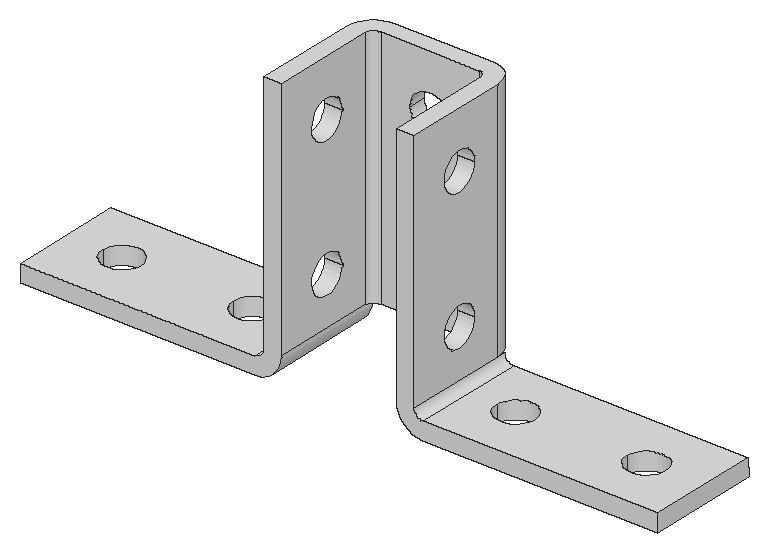
Revit family "P2347_Wing_Shape_Fitting", category Generic Models, Revit 2020
Family settings
  Can host rebar = No
  Round Connector Dimension = Use Diameter
  Part Type = Normal
  OmniClass Number = 23.80.30.17.17
  OmniClass Title = Cable Trays and Horizontal Racks
  Work Plane-Based = Yes
  Always vertical = No
  Cut with Voids When Loaded = No
  Shared = No
  Room Calculation Point = No
Parameters (values of type "P2347 EG")
  Wing Length = 3.750"
  Width = 1.65625"
  Weight = 1.930 lbm
  URL = "https://www.atkore.com/products/strut-and-fittings/p2347"
  UPC = "\"78636402821\""
  Type Comments = "80_77_27_15"
  Thickness = 0.250"
  Salsify ID6 = " "
  Salsify ID5 = " "
  Salsify ID4 = " "
  Salsify ID3 = " "
  Salsify ID2 = " "
  Salsify ID1 = "US-P2347"
  Power-Strut Part Number = "PS 913 EG"
  Part Number = "P2347 EG"
  Model = "P2347"
  Material = Electro Galvanized
  Manufacturer = "Atkore Unistrut"
  Hole Diameter = 0.5625"
  Disclaimer = "https://www.unistrut.us/model-disclaimer/"
  Description = "P2347 - Wing Shape Fitting"
  Depth = 1.625"
  Default Elevation = 48.000"
  Center Distance From Top = 0.80859"
  Center Distance From Edge = 0.8125"
Types (5): name | Weight | UPC | Salsify ID6 | Salsify ID5 | Salsify ID4 | Salsify ID3 | Salsify ID2 | Power-Strut Part Number | Part Number | Material | Center Distance From Edge
  P2347 DF | 2.040 lbm | "\"786364051628\"" | "" | "" | "" | "" | "" | "" | "P2347 DF" | Defender | 0.8125"
  P2347 GR | 1.930 lbm | "\"786364234700\"" | "" | "" | "" | "" | "" | "" | "P2347 GR" | Green | 0.82812"
  P2347 EG | 1.930 lbm | "\"78636402821\"" | " " | " " | " " | " " | " " | "PS 913 EG" | "P2347 EG" | Electro Galvanized | 0.8125"
  P2347 HG | 2.040 lbm | "\"786364028231\"" | "" | "" | "" | "" | "" | "" | "P2347 HG" | Hot Dip Galvanized | 0.8125"
  P2347 ZD | 1.930 lbm | "\"786364012209\"" | "" | "" | "" | "" | "" | "" | "P2347 ZD" | Zinc Dichromate | 0.82812"
Reference planes (in)
  plane 1 "Center (Front/Back)": y = 0
  plane 2: z = 0
  plane 3 "Center (Left/Right)": x = 0
  plane 4: x = 0.82813
  plane 5: x = -0.82812
  plane 6: y = 0.8125
  plane 7: y = -0.8125
  plane 8: x = 1.07813
  plane 9: y = 1.0625
  plane 10: x = -1.07812
  plane 11: x = -4.57812
  plane 12: x = 4.57813
  plane 13: y = 4.5625
  plane 14: x = -0.8125
  plane 15: x = 0.8125
  plane 16: z = 0.25
  plane 17: z = 0.25
Forms (in)
  Extrusion 1, solid, material "Electro Galvanized" <- "Material"
    sketch origin (0, 0, 0) x (1, 0, 0) y (0, 1, 0)
      loop
        line (-0.82812, -0.8125) -> (-0.82812, 0.6875)
        arc (-0.82812, 0.6875) -> (-0.79151, 0.77589) -> (-0.70312, 0.8125) r 0.125
        line (-0.70312, 0.8125) -> (0.70313, 0.8125)
        arc (0.70313, 0.8125) -> (0.79151, 0.77589) -> (0.82813, 0.6875) r 0.125
        line (0.82813, 0.6875) -> (0.82813, -0.8125) -> (1.07813, -0.8125) -> (1.07813, 0.6875)
        arc (1.07813, 0.6875) -> (0.96829, 0.95267) -> (0.70313, 1.0625) r 0.375
        line (0.70313, 1.0625) -> (-0.70312, 1.0625)
        arc (-0.70312, 1.0625) -> (-0.96829, 0.95267) -> (-1.07812, 0.6875) r 0.375
        line (-1.07812, 0.6875) -> (-1.07812, -0.8125) -> (-0.82812, -0.8125)
    from 0.375 to 3.875
  Extrusion 2, solid, material "Electro Galvanized" <- "Material"
    sketch origin (0, 0, 0) x (1, 0, 0) y (0, 0, 1)
      loop
        line (1.20313, 0) -> (4.57813, 0) -> (4.57813, 0.25) -> (1.20313, 0.25)
        arc (1.20313, 0.25) -> (1.11474, 0.28661) -> (1.07813, 0.375) r 0.125
        line (1.07813, 0.375) -> (0.82813, 0.375)
        arc (0.82813, 0.375) -> (0.93796, 0.10983) -> (1.20313, 0) r 0.375
      loop
        arc (-1.20312, 0) -> (-0.93796, 0.10983) -> (-0.82812, 0.375) r 0.375
        line (-0.82812, 0.375) -> (-1.07812, 0.375)
        arc (-1.07812, 0.375) -> (-1.11474, 0.28661) -> (-1.20312, 0.25) r 0.125
        line (-1.20312, 0.25) -> (-4.57812, 0.25) -> (-4.57812, 0) -> (-1.20312, 0)
    from -0.8125 to 0.8125
  Extrusion 3, void
    sketch origin (0, 0, 0) x (1, 0, 0) y (0, 1, 0)
      loop
        circle (0, 1.875) r 0.28125
      loop
        circle (1.89063, 0) r 0.28125
      loop
        circle (-1.89062, 0) r 0.28125
      loop
        circle (-3.76562, 0) r 0.28125
      loop
        circle (0, 3.75) r 0.28125
      loop
        circle (3.76563, 0) r 0.28125
    from 0 to 0.25
  Extrusion 4, void
    sketch origin (0, 0, 0) x (1, 0, 0) y (0, 0, 1)
      loop
        circle (0, 3.06641) r 0.28125
      loop
        circle (0, 1.06641) r 0.28125
    from -1.0625 to -0.8125
  Extrusion 5, void
    sketch origin (0, 0, 0) x (0, 1, 0) y (0, 0, 1)
      loop
        circle (0, 3.06641) r 0.28125
      loop
        circle (0, 1.06641) r 0.28125
    from -1.07812 to 1.07813
Cuts and joins
  Extrusion 4, Extrusion 5 cuts Extrusion 1
  Extrusion 3, Extrusion 5 cuts Extrusion 2
  joined: Extrusion 1, Extrusion 2
Dimensions and locks (in)
  equal spacing: plane 5, plane 3 "Center (Left/Right)", plane 4
  "Width": plane 5 to plane 4
  equal spacing: plane 7, plane 1 "Center (Front/Back)", plane 6
  "Depth": plane 7 to plane 6
  "Thickness": plane 10 to plane 5
  "Thickness": plane 4 to plane 8
  "Thickness": plane 6 to plane 9
  "Wing Length": plane 11 to plane 5
  "Wing Length": plane 4 to plane 12
  "Wing Length": plane 6 to plane 13
  "Depth": plane 14 to plane 15
  "Thickness": plane 16 to level
  "Thickness": plane 17 to level
  "Center Distance From Edge": Extrusion 3 sketch curve to plane 10
  "Center Distance From Edge": plane 9 to Extrusion 3 sketch curve
  "Center Distance From Edge": plane 8 to Extrusion 3 sketch curve
  "Center Distance From Top": cut or joined group of Extrusion 1, Extrusion 2, Extrusion 3, Extrusion 4, Extrusion 5 to Extrusion 4 sketch curve
  "Center Distance From Top": cut or joined group of Extrusion 1, Extrusion 2, Extrusion 3, Extrusion 4, Extrusion 5 to Extrusion 5 sketch curve
  "Center Distance From Edge": plane 11 to Extrusion 3 sketch curve
  "Center Distance From Edge": Extrusion 3 sketch curve to plane 13
  "Center Distance From Edge": Extrusion 3 sketch curve to plane 12
  Extrusion 5 sketch curve to Extrusion 5 sketch curve = 2.000"
  Extrusion 4 sketch curve to Extrusion 4 sketch curve = 2.000"
  "Hole Diameter": diameter of Extrusion 3 sketch curve  (x6)
  "Hole Diameter": diameter of Extrusion 4 sketch curve  (x2)
  "Hole Diameter": diameter of Extrusion 5 sketch curve  (x2)
  aligned and locked: plane 2 to level
  aligned and locked: plane 7 to Extrusion 1 sketch curve  (x2)
  aligned and locked: plane 5 to Extrusion 1 sketch curve
  aligned and locked: Extrusion 1 sketch curve to plane 10
  aligned and locked: plane 6 to Extrusion 1 sketch curve
  aligned and locked: Extrusion 1 sketch curve to plane 9
  aligned and locked: plane 8 to Extrusion 1 sketch curve
  aligned and locked: Extrusion 1 sketch curve to plane 4
  aligned and locked: plane 16 to Extrusion 2 sketch curve
  aligned and locked: Extrusion 2 sketch curve to plane 16
  aligned and locked: Extrusion 2 sketch curve to level
  aligned and locked: plane 12 to Extrusion 2 sketch curve
  aligned and locked: level to Extrusion 2 sketch curve
  aligned and locked: plane 11 to Extrusion 2 sketch curve
  aligned and locked: Extrusion 2 to plane 6
  aligned and locked: plane 7 to Extrusion 2
  aligned and locked: plane 1 "Center (Front/Back)" to Extrusion 3 sketch curve  (x4)
  aligned and locked: plane 3 "Center (Left/Right)" to Extrusion 3 sketch curve  (x2)
  aligned and locked: Extrusion 3 to Extrusion 2
  aligned and locked: cut or joined group of Extrusion 1, Extrusion 2, Extrusion 3, Extrusion 4, Extrusion 5 to Extrusion 4
  aligned and locked: Extrusion 4 to cut or joined group of Extrusion 1, Extrusion 2, Extrusion 3, Extrusion 4, Extrusion 5
  aligned and locked: Extrusion 3 to level
  aligned and locked: Extrusion 1 to Extrusion 5  (x2)
  aligned and locked: plane 1 "Center (Front/Back)" to Extrusion 5 sketch curve
Automatic sketch dimensions
  Extrusion 1 sketch curve to Extrusion 1 sketch curve = 0.000"  (x2)
  Extrusion 1 sketch curve to Extrusion 1 sketch curve = 0.125"
  Extrusion 1 sketch curve to plane 4 = 0.125"
  Extrusion 2 sketch curve to Extrusion 2 sketch curve = 0.000"  (x4)
  Extrusion 2 sketch curve to plane 10 = 0.000"  (x2)
  Extrusion 2 sketch curve to plane 4 = 0.000"
  Extrusion 2 sketch curve to plane 8 = 0.000"
  Extrusion 2 sketch curve to Extrusion 2 sketch curve = 0.125"
  plane 8 to Extrusion 2 sketch curve = 0.125"
  Extrusion 4 sketch curve to plane 3 "Center (Left/Right)" = 0.000"  (x2)
  Extrusion 5 sketch curve to plane 1 "Center (Front/Back)" = 0.000"
